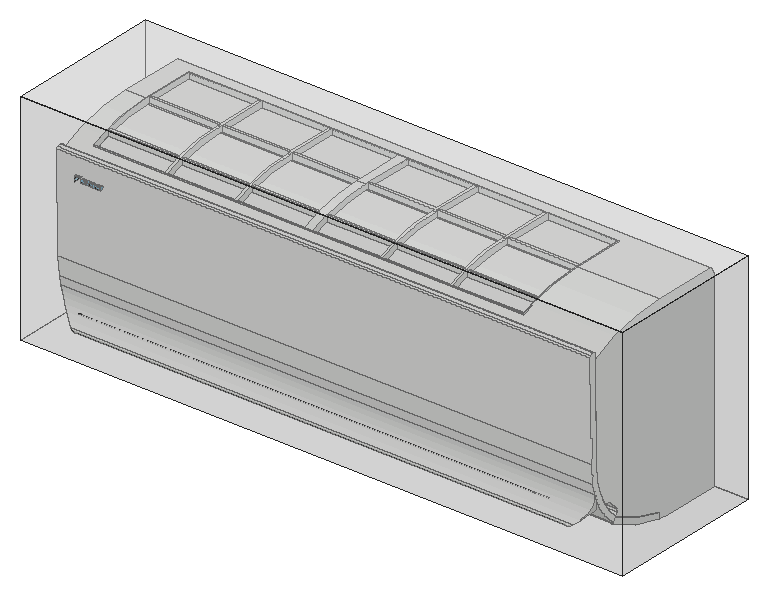
Revit family "outputfile", category 機械設備, Revit 2024
Family settings
  丸型コネクタ寸法 = 半径を使用
  パーツ タイプ = 標準
  OmniClass 番号 = 23.75.10.24.21.27.27
  OmniClass タイトル = Split System Air Conditioning Units
  作業面ベース = いいえ
  常に垂直 = はい
  ロード時にボイドで切り取り = いいえ
  注釈の向きを維持 = いいえ
  共有 = いいえ
  部屋計算ポイント = いいえ
Parameters (values of type "FTKQ15XV2S")
  Description = ""
  製造元 = "Daikin"
  書き出し IFC クラス(タイプ) = "IfcUnitaryEquipmentType"
  定義済み IFC タイプ(タイプ) = "AIRCONDITIONINGUNIT"
  Cost = 0
  モデル = "FTKQ15XV2S"
  Type Comments = ""
  Keynote = ""
  Type Image = (empty or 0)
  Assembly Code = ""
  switch_frequency = yes
  r_Liquid Pipe Size = Liquid Pipe Size / 2  # 3.2 mm
  r_Gas Pipe Size = Gas Pipe Size / 2  # 6.35 mm
  r_Drain Pipe Size = Drain Pipe Size / 2  # 8.0 mm
  lw_powersupply [instance] = if(or(Right Connection_refrigerant, Left Connection_refrigerant), 348.0 mm, if(or(Rear Right Connection_refrigerant, Bottom Right Connection_refrigerant), 30.0 mm, 740.0 mm))  # 348.0 mm
  lw_liquidpipe [instance] = if(or(Right Connection_refrigerant, Left Connection_refrigerant), 433.0 mm, if(or(Rear Right Connection_refrigerant, Bottom Right Connection_refrigerant), 40.0 mm, 730.0 mm))  # 433.0 mm
  lw_gaspipe [instance] = if(or(Right Connection_refrigerant, Left Connection_refrigerant), 393.0 mm, if(or(Rear Right Connection_refrigerant, Bottom Right Connection_refrigerant), 55.0 mm, 715.0 mm))  # 393.0 mm
  lw_drainpipe [instance] = if(or(Right Connection_refrigerant, Left Connection_refrigerant), 488.0 mm, if(or(Rear Right Connection_refrigerant, Bottom Right Connection_refrigerant), 55.0 mm, 715.0 mm))  # 488.0 mm
  l_powersupply_length [instance] = if(Right Connection_refrigerant, 348.0 mm, if(Left Connection_refrigerant, 422.0 mm, if(or(Rear Left Connection_refrigerant, Rear Right Connection_refrigerant), 20.0 mm, 50.0 mm)))  # 348.0 mm
  l_liquidpipe_length [instance] = if(Right Connection_refrigerant, 433.0 mm, if(Left Connection_refrigerant, 337.0 mm, if(or(Rear Left Connection_refrigerant, Rear Right Connection_refrigerant), 40.0 mm, 35.0 mm)))  # 433.0 mm
  l_gaspipe_length [instance] = if(Right Connection_refrigerant, 393.0 mm, if(Left Connection_refrigerant, 377.0 mm, if(or(Rear Left Connection_refrigerant, Rear Right Connection_refrigerant), 40.0 mm, 50.0 mm)))  # 393.0 mm
  l_drainpipe_length [instance] = if(Right Connection_refrigerant, 488.0 mm, if(Left Connection_refrigerant, 282.0 mm, if(or(Rear Left Connection_refrigerant, Rear Right Connection_refrigerant), 20.0 mm, 25.0 mm)))  # 488.0 mm
  h*** = 0.0 mm  # constant formula
  connector_voltage = Voltage_50Hz  # 220 V
  connector_powerinput = [Power Input (Cooling)]  # 0.000 kW
  connector_phase = Phase_50Hz  # 1
  angle_vertical [instance] = if(or(Bottom Left Connection_refrigerant, Bottom Right Connection_refrigerant), 0.00°, 90.00°)  # 90.00°
  angle_horizontal [instance] = if(Right Connection_refrigerant, 90.00°, if(Left Connection_refrigerant, -90.00°, if(or(Rear Left Connection_refrigerant, Rear Right Connection_refrigerant), 180.00°, 0.00°)))  # 90.00°
  Width = 770.0 mm
  Voltage_comment_50Hz = "220 - 240"
  Voltage_50Hz = 220 V
  Version = "ver.1.0"
  Unit Type = "Wall Mounted"
  Unit Mass Weight = 9.00 kg
  Unit Designation [instance] = ""
  Uniclass2015Version = "Products v1.30"
  Uniclass2015Title = "Split coil room air conditioning units"
  Uniclass2015Code = "Pr_70_65_03_86"
  URL = ""
  Total Cooling Capacity [instance] = 0.000 kW
  Sound Pressure Level_M speed (dBA) = 35
  Sound Pressure Level_L speed (dBA) = 30
  Sound Pressure Level_H speed (dBA) = 42
  Sound Power Level_H speed (dB) = 0
  Series = "Single Split_Fan Coil Unit"
  Sensible Cooling Capacity [instance] = 0.000 kW
  Refrigerant Type = "R32"
  Power Input (Cooling) = 0.000 kW
  Phase_50Hz = 1
  Option Accessory 3 [instance] = ""
  Option Accessory 2 [instance] = ""
  Option Accessory 1 [instance] = ""
  Nominal Cooling Capacity = 4.400 kW
  Minimum Circuit Amps_50Hz = 0.0 A
  Minimum Airflow = 420.00 m³/h
  Median Airflow = 510.00 m³/h
  Maximum Fuse Amps_50Hz = 0.0 A
  Maximum Airflow = 660.00 m³/h
  Material_Casing = DAIKIN_PureWhite_Casing_indoorunit
  Load Classification = HVAC
  Liquid Pipe Size = 6.4 mm
  Link_Nested Family [instance] = ""
  IfcVersion = ""
  IfcExportType = "AIRCONDITIONINGUNIT"
  IfcExportAs = "IfcUnitaryEquipmentType"
  Height = 285.0 mm
  Heat Exchanger Type = "Cross Fin Coil"
  Gas Pipe Size = 12.7 mm
  Frequency_50Hz = 50 Hz
  Fan Type = "Cross Flow Fan"
  Fan Drive = "Direct Drive"
  FCU Tag No. [instance] = ""
  Drain Pipe Size = 16.0 mm
  Design Supply Airflow [instance] = 0.00 m³/h
  Depth = 226.0 mm
  既定の高さ = 0.0 mm
  Cooling Entering Wet Bulb Temperature [instance] = 0.00 °C
  Cooling Entering Dry Bulb Temperature [instance] = 0.00 °C
  Cooling Ambient Wet Bulb Temperature [instance] = 0.00 °C
  Cooling Ambient Dry Bulb Temperature [instance] = 0.00 °C
  Clearance visibility [instance] = yes
  Clearance Top = 30.0 mm
  Clearance Right = 50.0 mm
  Clearance Rear = 0.0 mm
  Clearance Left = 50.0 mm
  Clearance Front = 0.0 mm
  Clearance Bottom = 0.0 mm
  Bottom Right Connection_refrigerant [instance] = no
  Bottom Left Connection_refrigerant [instance] = no
  Rear Right Connection_refrigerant [instance] = no
  Rear Left Connection_refrigerant [instance] = no
  Right Connection_refrigerant [instance] = yes
  Left Connection_refrigerant [instance] = no
Reference planes
  plane 1 "Back": y = 0
  plane 2: z = 0
  plane 3 "Center (Left/Right)": x = 0
  plane 4: y = -133
  plane 5: y = -266
  plane 6 "Left": x = -385
  plane 7 "Right": x = 385
  plane 8 "Top": z = 0
  plane 9: y = 0
  plane 10: z = -285
  plane 11 "Clearance Front": y = -226
  plane 12 "Bottom": z = -285
  plane 13: z = -285
  plane 14: z = 30
  plane 15 "Front": y = -226
  plane 16 "Clearance Rear": y = 0
  plane 17: x = -8
  plane 18: x = -48
  plane 19: x = -103
  plane 20: y = -40
  plane 21: y = -20
  plane 22: x = 37
  plane 23: x = -435
  plane 24: x = 435
  plane 25: x = 337
Forms (mm)
  Extrusion 1, solid, material "DAIKIN_PureWhite_Casing_indoorunit" <- "Material_Casing", not visible
    sketch origin (-379, 1296.25, 1210) x (0, 1, 0) y (0, 0, 1)
      loop
        line (-1296.25, -1427) -> (-1326.25, -1427)
        arc (-1326.25, -1427) -> (-1340.393, -1432.858) -> (-1346.25, -1447) r 20
        line (-1346.25, -1447) -> (-1346.25, -1467)
        arc (-1346.25, -1467) -> (-1340.393, -1481.142) -> (-1326.25, -1487) r 20
        line (-1326.25, -1487) -> (-1296.25, -1487) -> (-1296.25, -1427)
    from 759 to 764
  Extrusion 2, solid, material "DAIKIN_PureWhite_Casing_indoorunit" <- "Material_Casing"
    sketch origin (-495, 1156.25, 1200) x (0, 1, 0) y (0, 0, 1)
      loop
        line (-1156.25, -1485) -> (-1156.25, -1208.5) -> (-1161.25, -1200) -> (-1254.25, -1200)
        arc (-1254.25, -1200) -> (-1314.413, -1207.347) -> (-1371.039, -1228.956) r 250
        arc (-1371.039, -1228.956) -> (-1370.963, -1294.87) -> (-1368.901, -1360.751) r 2186.827
        arc (-1368.901, -1360.751) -> (-1367.931, -1373.599) -> (-1366.216, -1386.369) r 221.844
        arc (-1366.216, -1386.369) -> (-1361.341, -1405) -> (-1353.083, -1422.397) r 103
        line (-1353.083, -1422.397) -> (-1345.22, -1422.397)
        arc (-1345.22, -1422.397) -> (-1343.826, -1422.741) -> (-1342.751, -1423.693) r 3
        arc (-1342.751, -1423.693) -> (-1337.001, -1431.196) -> (-1330.533, -1438.09) r 95
        arc (-1330.533, -1438.09) -> (-1329.645, -1439.831) -> (-1330.018, -1441.749) r 3
        line (-1330.018, -1441.749) -> (-1332.498, -1446.044)
        arc (-1332.498, -1446.044) -> (-1295.066, -1463.723) -> (-1255.079, -1474.437) r 231
        arc (-1255.079, -1474.437) -> (-1254.485, -1474.778) -> (-1254.25, -1475.422) r 1
        line (-1254.25, -1475.422) -> (-1254.25, -1483.703)
        arc (-1254.25, -1483.703) -> (-1250.776, -1484.245) -> (-1247.294, -1484.736) r 240
        arc (-1247.294, -1484.736) -> (-1245.313, -1484.934) -> (-1243.323, -1485) r 30
        line (-1243.323, -1485) -> (-1156.25, -1485)
    from 110 to 880
  Extrusion 3, solid, material "DAIKIN_PureWhite_Casing_indoorunit" <- "Material_Casing"
    sketch origin (-622.601, -1524, -230) x (-1, 0, 0) y (0, -1, 0)
      loop
        line (-996.615, -1494) -> (-996.615, -1524) -> (-936.615, -1524) -> (-936.615, -1494)
        arc (-936.615, -1494) -> (-942.473, -1479.858) -> (-956.615, -1474) r 20
        line (-956.615, -1474) -> (-976.615, -1474)
        arc (-976.615, -1474) -> (-990.757, -1479.858) -> (-996.615, -1494) r 20
      loop
        arc (-248.601, -1494) -> (-254.459, -1479.858) -> (-268.601, -1474) r 20
        line (-268.601, -1474) -> (-288.601, -1474)
        arc (-288.601, -1474) -> (-302.743, -1479.858) -> (-308.601, -1494) r 20
        line (-308.601, -1494) -> (-308.601, -1524) -> (-248.601, -1524) -> (-248.601, -1494)
    from -55 to -50
  Extrusion 4, solid, material "DAIKIN_PureWhite_Casing_indoorunit" <- "Material_Casing"
    sketch origin (0, 0, 10) x (1, 0, 0) y (0, 0, 1)
      loop
        circle (337, -250.5) r 32.5
      loop
        circle (-337, -250.5) r 32.5
    from 0 to 5
  Extrusion 5, solid, material "DAIKIN_PureWhite_Casing_indoorunit" <- "Material_Casing"
    sketch origin (489, 1296.25, 1210) x (0, 1, 0) y (0, 0, -1)
      loop
        line (-1296.25, 1427) -> (-1296.25, 1487) -> (-1326.25, 1487)
        arc (-1326.25, 1487) -> (-1340.393, 1481.142) -> (-1346.25, 1467) r 20
        line (-1346.25, 1467) -> (-1346.25, 1447)
        arc (-1346.25, 1447) -> (-1340.393, 1432.858) -> (-1326.25, 1427) r 20
        line (-1326.25, 1427) -> (-1296.25, 1427)
    from 869 to 874
  Extrusion 6, solid, material "DAIKIN_PureWhite_Casing_indoorunit" <- "Material_Casing"
    sketch origin (-385, 1156.25, 1200) x (0, 1, 0) y (0, 0, 1)
      loop
        arc (-1374.103, -1387.706) -> (-1361.832, -1423.213) -> (-1338.419, -1452.594) r 111
        arc (-1338.419, -1452.594) -> (-1337.834, -1452.764) -> (-1337.333, -1452.419) r 0.709
        line (-1337.333, -1452.419) -> (-1334.084, -1446.792)
        arc (-1334.084, -1446.792) -> (-1333.962, -1446.14) -> (-1334.274, -1445.556) r 1
        arc (-1334.274, -1445.556) -> (-1355.212, -1418.643) -> (-1366.216, -1386.369) r 103
        arc (-1366.216, -1386.369) -> (-1367.931, -1373.599) -> (-1368.901, -1360.751) r 221.844
        arc (-1368.901, -1360.751) -> (-1370.989, -1293.222) -> (-1370.99, -1225.661) r 2186.827
        arc (-1370.99, -1225.661) -> (-1370.93, -1221.937) -> (-1370.863, -1218.213) r 2192
        arc (-1370.863, -1218.213) -> (-1371.146, -1217.637) -> (-1371.78, -1217.535) r 0.7
        line (-1371.78, -1217.535) -> (-1377.538, -1219.406)
        arc (-1377.538, -1219.406) -> (-1378.425, -1219.99) -> (-1378.887, -1220.946) r 2
        arc (-1378.887, -1220.946) -> (-1379.035, -1290.894) -> (-1376.907, -1360.81) r 2149.92
        arc (-1376.907, -1360.81) -> (-1375.901, -1374.299) -> (-1374.103, -1387.706) r 229.911
    from 0 to 770
  Extrusion 7, solid, material "DAIKIN_PureWhite_Casing_indoorunit" <- "Material_Casing"
    sketch origin (-385, 1156.25, 1200) x (0, 1, 0) y (0, 0, 1)
      loop
        arc (-1336.569, -1454.09) -> (-1297.525, -1472.406) -> (-1255.834, -1483.439) r 240
        arc (-1255.834, -1483.439) -> (-1255.428, -1483.328) -> (-1255.25, -1482.946) r 0.5
        line (-1255.25, -1482.946) -> (-1255.25, -1475.422)
        arc (-1255.25, -1475.422) -> (-1295.171, -1464.749) -> (-1332.564, -1447.164) r 232
        arc (-1332.564, -1447.164) -> (-1332.945, -1447.112) -> (-1333.249, -1447.346) r 0.5
        line (-1333.249, -1447.346) -> (-1336.741, -1453.393)
        arc (-1336.741, -1453.393) -> (-1336.802, -1453.778) -> (-1336.569, -1454.09) r 0.5
    from 0 to 770
  Extrusion 8, solid, material "DAIKIN_PureWhite_Casing_indoorunit" <- "Material_Casing"
    sketch origin (-385, 1156.25, 1200) x (0, 1, 0) y (0, 0, 1)
      loop
        arc (-1371.046, -1401.088) -> (-1370.514, -1423.975) -> (-1381.552, -1444.032) r 44
        arc (-1381.552, -1444.032) -> (-1382.188, -1446.32) -> (-1380.625, -1448.108) r 2.5
        arc (-1380.625, -1448.108) -> (-1367.897, -1451.601) -> (-1354.751, -1452.778) r 74
        line (-1354.751, -1452.778) -> (-1338.211, -1452.778)
        arc (-1338.211, -1452.778) -> (-1358.264, -1429.242) -> (-1371.046, -1401.088) r 111
    from 0 to 770
  Extrusion 9, solid, material "DAIKIN_PureWhite_Casing_indoorunit" <- "Material_Casing"
    sketch origin (-385, 1156.25, 1200) x (0, 1, 0) y (0, 0, 1)
      loop
        line (-1254.32, -1208) -> (-1177.85, -1208) -> (-1177.85, -1200) -> (-1254.25, -1200)
        arc (-1254.25, -1200) -> (-1302.879, -1204.775) -> (-1349.65, -1218.918) r 250
        line (-1349.65, -1218.918) -> (-1349.65, -1227.568)
        arc (-1349.65, -1227.568) -> (-1302.979, -1212.942) -> (-1254.32, -1208) r 242
    from 29.359 to 650.764
  Extrusion 10, void
    sketch origin (-385, 1156.25, 1200) x (0, 1, 0) y (0, 0, 1)
      loop
        line (-1349.65, -1215.676) -> (-1349.65, -1227.568)
        arc (-1349.65, -1227.568) -> (-1302.979, -1212.942) -> (-1254.32, -1208) r 242
        line (-1254.32, -1208) -> (-1177.85, -1208) -> (-1177.85, -1197) -> (-1254.25, -1197)
        arc (-1254.25, -1197) -> (-1302.856, -1201.713) -> (-1349.65, -1215.676) r 253
    from 29.359 to 650.764
  Extrusion 11, void
    sketch origin (-610.615, -1524, -240) x (-1, 0, 0) y (0, -1, 0)
      loop
        line (-255.68, -1501.684) -> (-255.68, -1432.659) -> (-357.948, -1432.659) -> (-357.948, -1501.684) -> (-255.68, -1501.684)
      loop
        line (-361.28, -1501.684) -> (-361.28, -1432.659) -> (-459.048, -1432.659) -> (-459.048, -1501.684) -> (-361.28, -1501.684)
      loop
        line (-255.68, -1429.341) -> (-255.68, -1358.741) -> (-357.948, -1358.741) -> (-357.948, -1429.341) -> (-255.68, -1429.341)
      loop
        line (-255.68, -1356.618) -> (-255.68, -1331.319) -> (-357.948, -1331.319) -> (-357.948, -1356.618) -> (-255.68, -1356.618)
      loop
        line (-361.274, -1429.341) -> (-361.274, -1358.741) -> (-459.048, -1358.741) -> (-459.048, -1429.341) -> (-361.274, -1429.341)
      loop
        line (-361.274, -1356.618) -> (-361.274, -1331.319) -> (-459.048, -1331.319) -> (-459.048, -1356.618) -> (-361.274, -1356.618)
      loop
        line (-462.312, -1501.684) -> (-462.312, -1432.659) -> (-559.622, -1432.659) -> (-559.622, -1501.684) -> (-462.312, -1501.684)
      loop
        line (-462.306, -1429.341) -> (-462.306, -1358.741) -> (-559.622, -1358.741) -> (-559.622, -1429.341) -> (-462.306, -1429.341)
      loop
        line (-462.306, -1356.618) -> (-462.306, -1331.319) -> (-559.622, -1331.319) -> (-559.622, -1356.618) -> (-462.306, -1356.618)
      loop
        line (-571.622, -1501.684) -> (-571.622, -1432.659) -> (-668.931, -1432.659) -> (-668.931, -1501.684) -> (-571.622, -1501.684)
      loop
        line (-672.311, -1501.684) -> (-672.311, -1432.659) -> (-770.079, -1432.659) -> (-770.079, -1501.684) -> (-672.311, -1501.684)
      loop
        line (-571.622, -1429.341) -> (-571.622, -1358.741) -> (-668.925, -1358.741) -> (-668.925, -1429.341) -> (-571.622, -1429.341)
      loop
        line (-571.622, -1356.618) -> (-571.622, -1331.319) -> (-668.925, -1331.319) -> (-668.925, -1356.618) -> (-571.622, -1356.618)
      loop
        line (-672.311, -1429.341) -> (-672.311, -1358.741) -> (-770.079, -1358.741) -> (-770.079, -1429.341) -> (-672.311, -1429.341)
      loop
        line (-672.311, -1356.618) -> (-672.311, -1331.319) -> (-770.079, -1331.319) -> (-770.079, -1356.618) -> (-672.311, -1356.618)
      loop
        line (-773.411, -1501.684) -> (-773.411, -1432.659) -> (-875.679, -1432.659) -> (-875.679, -1501.684) -> (-773.411, -1501.684)
      loop
        line (-773.411, -1429.341) -> (-773.411, -1358.741) -> (-875.679, -1358.741) -> (-875.679, -1429.341) -> (-773.411, -1429.341)
      loop
        line (-773.411, -1356.618) -> (-773.411, -1331.319) -> (-875.679, -1331.319) -> (-875.679, -1356.618) -> (-773.411, -1356.618)
    from 208.902 to 245
  Extrusion 12, void
    sketch origin (-385, 1156.25, 1200) x (0, 1, 0) y (0, 0, 1)
      loop
        arc (-1339.36, -1455.929) -> (-1309.531, -1470.929) -> (-1277.928, -1481.699) r 243
        line (-1277.928, -1481.699) -> (-1275.103, -1471.068)
        arc (-1275.103, -1471.068) -> (-1305.332, -1460.762) -> (-1333.859, -1446.402) r 232
        line (-1333.859, -1446.402) -> (-1339.36, -1455.929)
    from 47 to 652
  Extrusion 13, solid, material "DAIKIN_PureWhite_Casing_indoorunit" <- "Material_Casing"
    sketch origin (-385, 1156.25, 1200) x (0, 1, 0) y (0, 0, 1)
      loop
        arc (-1336.998, -1453.838) -> (-1307.924, -1468.349) -> (-1277.157, -1478.8) r 240
        line (-1277.157, -1478.8) -> (-1275.103, -1471.068)
        arc (-1275.103, -1471.068) -> (-1304.871, -1460.955) -> (-1332.998, -1446.91) r 232
        line (-1332.998, -1446.91) -> (-1336.998, -1453.838)
    from 52.507 to 648.507
  Extrusion 14, void
    sketch origin (0, 0, 0) x (1, 0, 0) y (0, 0, 1)
      loop
        line (-395, -201.088) -> (-395, -259.424) -> (-333.271, -259.424) -> (-333.271, -252.778)
        arc (-333.271, -252.778) -> (-369.835, -237.641) -> (-385, -201.088) r 51.729
        line (-385, -201.088) -> (-395, -201.088)
    from 118.853 to 250
  Extrusion 15, void
    sketch origin (0, 0, 0) x (1, 0, 0) y (0, 0, 1)
      loop
        arc (385, -200.608) -> (369.72, -237.498) -> (332.829, -252.778) r 52.171
        line (332.829, -252.778) -> (332.829, -262.778) -> (392.829, -262.778) -> (392.829, -192.778) -> (385, -192.778) -> (385, -200.608)
    from 140.894 to 250
Cuts and joins
  Extrusion 10 cuts Extrusion 2
  Extrusion 11 cuts Extrusion 9
  Extrusion 12 cuts Extrusion 7
  Extrusion 14, Extrusion 15 cuts Extrusion 8
Lines and regions (mm)
  reference lines
    curve 1: line (-395.5, -222.696, -45.45) -> (-395.5, -222.696, -55.45)
Dimensions and locks
  equal spacing: plane 6 "Left", plane 3 "Center (Left/Right)", plane 7 "Right"
  "Width": plane 6 "Left" to plane 7 "Right"
  level to plane 10 = 285.0 mm
  locked: Extrusion 4 sketch curve to plane 6 "Left" at 48
  locked: plane 7 "Right" to Extrusion 4 sketch curve at 48
  locked: plane 8 "Top" to Extrusion 4 sketch curve at 240.5  (x2)
  locked: plane 6 "Left" to Extrusion 3 sketch curve at 11
  locked: Extrusion 3 sketch curve to Extrusion 3 sketch curve at 60  (x2)
  locked: Extrusion 3 sketch curve to plane 7 "Right" at 10.986
  "Height": plane 8 "Top" to plane 12 "Bottom"
  "Clearance Top": plane 14 to plane 8 "Top"
  "Clearance Bottom": plane 12 "Bottom" to plane 13
  "Depth": plane 15 "Front" to plane 1 "Back"
  "Clearance Front": plane 15 "Front" to plane 11 "Clearance Front"
  "Clearance Rear": plane 16 "Clearance Rear" to plane 1 "Back"
  locked: plane 1 "Back" to plane 20 at 40
  locked: plane 1 "Back" to plane 21 at 20
  "Clearance Left": plane 23 to plane 6 "Left"
  "Clearance Right": plane 7 "Right" to plane 24
  "lw_powersupply": plane 22 to plane 7 "Right"
  locked: plane 25 to plane 7 "Right" at 48
  "lw_gaspipe": plane 17 to plane 7 "Right"
  "lw_liquidpipe": plane 18 to plane 7 "Right"
  "lw_drainpipe": plane 19 to plane 7 "Right"
  aligned and locked: level to plane 2
  aligned and locked: nested 2 to curve 1
  aligned and locked: plane 7 "Right" to Extrusion 1
  aligned and locked: plane 19 to nested 3
  aligned and locked: plane 18 to nested 4
  aligned and locked: plane 22 to nested 5
  aligned and locked: plane 17 to nested 6
  aligned and locked: nested 6 to plane 20
  aligned and locked: nested 4 to plane 20
  aligned and locked: nested 3 to plane 21
  aligned and locked: nested 5 to plane 21
  aligned and locked: nested 1 to plane 16 "Clearance Rear"
  aligned and locked: plane 11 "Clearance Front" to nested 1
  aligned and locked: nested 1 to plane 13
  aligned and locked: nested 1 to plane 14
  aligned and locked: nested 1 to plane 23
  aligned and locked: plane 24 to nested 1
Automatic sketch dimensions
  Extrusion 1 sketch curve to plane 1 "Back" = 0.0 mm
  plane 1 "Back" to Extrusion 1 sketch curve = 30.0 mm  (x2)
  Extrusion 1 sketch curve to Extrusion 1 sketch curve = 20.0 mm  (x2)
  Extrusion 1 sketch curve to level = 277.0 mm
  Extrusion 2 sketch curve to Extrusion 2 sketch curve = 0.0 mm  (x8)
  Extrusion 2 sketch curve to level = 0.0 mm
  Extrusion 2 sketch curve to plane 10 = 0.0 mm
  Extrusion 2 sketch curve to plane 1 "Back" = 0.0 mm
  plane 1 "Back" to Extrusion 2 sketch curve = 5.0 mm
  plane 1 "Back" to Extrusion 2 sketch curve = 59.278 mm
  plane 4 to Extrusion 2 sketch curve = 45.927 mm
  plane 10 to Extrusion 2 sketch curve = 1.297 mm
  Extrusion 2 sketch curve to Extrusion 2 sketch curve = 10.927 mm
  plane 4 to Extrusion 2 sketch curve = 35.0 mm
  Extrusion 2 sketch curve to Extrusion 2 sketch curve = 1.0 mm
  plane 4 to Extrusion 2 sketch curve = 24.681 mm
  Extrusion 2 sketch curve to plane 4 = 40.768 mm
  Extrusion 2 sketch curve to Extrusion 2 sketch curve = 2.48 mm
  Extrusion 2 sketch curve to Extrusion 2 sketch curve = 2.598 mm
  Extrusion 2 sketch curve to Extrusion 2 sketch curve = 12.604 mm
  Extrusion 2 sketch curve to Extrusion 2 sketch curve = 7.862 mm
  Extrusion 2 sketch curve to plane 1 "Back" = 8.955 mm
  Extrusion 2 sketch curve to level = 59.408 mm
  Extrusion 2 sketch curve to Extrusion 2 sketch curve = 1962.872 mm
  Extrusion 2 sketch curve to Extrusion 2 sketch curve = 8.281 mm
  Extrusion 2 sketch curve to Extrusion 2 sketch curve = 20.422 mm
  Extrusion 2 sketch curve to Extrusion 2 sketch curve = 5.0 mm
  plane 10 to Extrusion 2 sketch curve = 38.956 mm
  Extrusion 2 sketch curve to Extrusion 2 sketch curve = 4.295 mm
  Extrusion 2 sketch curve to Extrusion 2 sketch curve = 1.5 mm
  Extrusion 2 sketch curve to Extrusion 2 sketch curve = 14.851 mm
  Extrusion 2 sketch curve to Extrusion 2 sketch curve = 3.0 mm
  Extrusion 2 sketch curve to Extrusion 2 sketch curve = 80.275 mm
  Extrusion 2 sketch curve to Extrusion 2 sketch curve = 19.254 mm
  Extrusion 2 sketch curve to level = 46.847 mm
  Extrusion 2 sketch curve to level = 8.5 mm
  Extrusion 2 sketch curve to Extrusion 2 sketch curve = 13.133 mm
  plane 1 "Back" to Extrusion 3 sketch curve = 0.0 mm  (x2)
  Extrusion 3 sketch curve to Extrusion 3 sketch curve = 20.0 mm  (x4)
  plane 1 "Back" to Extrusion 3 sketch curve = 30.0 mm  (x2)
  Extrusion 5 sketch curve to plane 1 "Back" = 0.0 mm
  plane 1 "Back" to Extrusion 5 sketch curve = 30.0 mm  (x2)
  Extrusion 5 sketch curve to Extrusion 5 sketch curve = 20.0 mm  (x2)
  Extrusion 5 sketch curve to level = 217.0 mm
  Extrusion 6 sketch curve to Extrusion 6 sketch curve = 0.0 mm  (x5)
  Extrusion 6 sketch curve to level = 19.406 mm
  Extrusion 6 sketch curve to Extrusion 6 sketch curve = 1.349 mm
  Extrusion 6 sketch curve to Extrusion 6 sketch curve = 0.618 mm
  Extrusion 6 sketch curve to level = 17.535 mm
  Extrusion 6 sketch curve to Extrusion 6 sketch curve = 5.759 mm
  Extrusion 6 sketch curve to Extrusion 6 sketch curve = 0.217 mm
  Extrusion 6 sketch curve to plane 4 = 48.697 mm
  Extrusion 6 sketch curve to Extrusion 6 sketch curve = 0.614 mm
  Extrusion 6 sketch curve to Extrusion 6 sketch curve = 2.997 mm
  Extrusion 6 sketch curve to Extrusion 6 sketch curve = 0.866 mm
  plane 4 to Extrusion 6 sketch curve = 24.681 mm
  Extrusion 6 sketch curve to plane 1 "Back" = 8.955 mm
  Extrusion 6 sketch curve to Extrusion 6 sketch curve = 0.067 mm
  Extrusion 6 sketch curve to level = 60.455 mm
  Extrusion 6 sketch curve to Extrusion 6 sketch curve = 44.907 mm
  Extrusion 6 sketch curve to Extrusion 6 sketch curve = 5.173 mm
  Extrusion 6 sketch curve to level = 150.462 mm
  Extrusion 6 sketch curve to Extrusion 6 sketch curve = 0.008 mm
  Extrusion 6 sketch curve to Extrusion 6 sketch curve = 19.254 mm
  Extrusion 6 sketch curve to Extrusion 6 sketch curve = 76.567 mm
  Extrusion 6 sketch curve to Extrusion 6 sketch curve = 0.5 mm
  Extrusion 6 sketch curve to Extrusion 6 sketch curve = 5.772 mm
  Extrusion 6 sketch curve to Extrusion 6 sketch curve = 1.017 mm
  Extrusion 6 sketch curve to Extrusion 6 sketch curve = 0.03 mm
  Extrusion 6 sketch curve to Extrusion 6 sketch curve = 0.665 mm
  plane 5 to Extrusion 6 sketch curve = 45.344 mm
  Extrusion 6 sketch curve to Extrusion 6 sketch curve = 5.93 mm
  Extrusion 6 sketch curve to Extrusion 6 sketch curve = 7.888 mm
  Extrusion 7 sketch curve to plane 4 = 47.49 mm
  Extrusion 7 sketch curve to Extrusion 7 sketch curve = 0.424 mm
  Extrusion 7 sketch curve to Extrusion 7 sketch curve = 3.491 mm
  Extrusion 7 sketch curve to Extrusion 7 sketch curve = 0.433 mm
  plane 4 to Extrusion 7 sketch curve = 33.5 mm
  Extrusion 7 sketch curve to Extrusion 7 sketch curve = 0.5 mm
  plane 1 "Back" to Extrusion 7 sketch curve = 59.278 mm
  Extrusion 7 sketch curve to Extrusion 7 sketch curve = 0.0 mm  (x4)
  Extrusion 7 sketch curve to level = 282.946 mm
  Extrusion 7 sketch curve to Extrusion 7 sketch curve = 7.524 mm
  Extrusion 7 sketch curve to Extrusion 7 sketch curve = 21.764 mm
  Extrusion 7 sketch curve to Extrusion 7 sketch curve = 0.265 mm
  Extrusion 7 sketch curve to Extrusion 7 sketch curve = 6.062 mm
  Extrusion 7 sketch curve to Extrusion 7 sketch curve = 0.25 mm
  Extrusion 7 sketch curve to level = 46.848 mm
  Extrusion 7 sketch curve to Extrusion 7 sketch curve = 0.084 mm
  plane 5 to Extrusion 8 sketch curve = 8.997 mm
  plane 5 to Extrusion 8 sketch curve = 42.5 mm
  Extrusion 8 sketch curve to Extrusion 8 sketch curve = 25.0 mm
  Extrusion 8 sketch curve to Extrusion 8 sketch curve = 16.54 mm
  plane 4 to Extrusion 8 sketch curve = 24.681 mm
  Extrusion 8 sketch curve to level = 252.778 mm
  Extrusion 8 sketch curve to Extrusion 8 sketch curve = 7.013 mm
  Extrusion 8 sketch curve to Extrusion 8 sketch curve = 32.246 mm
  Extrusion 8 sketch curve to Extrusion 8 sketch curve = 34.741 mm
  Extrusion 8 sketch curve to Extrusion 8 sketch curve = 9.054 mm
  Extrusion 8 sketch curve to Extrusion 8 sketch curve = 1.801 mm
  Extrusion 8 sketch curve to Extrusion 8 sketch curve = 0.0 mm  (x2)
  Extrusion 8 sketch curve to Extrusion 8 sketch curve = 16.296 mm
  Extrusion 9 sketch curve to level = 0.0 mm
  Extrusion 9 sketch curve to level = 18.918 mm
  Extrusion 9 sketch curve to plane 4 = 60.4 mm
  Extrusion 9 sketch curve to level = 8.0 mm
  plane 4 to Extrusion 9 sketch curve = 34.93 mm
  Extrusion 9 sketch curve to Extrusion 9 sketch curve = 0.07 mm
  plane 1 "Back" to Extrusion 9 sketch curve = 21.6 mm
  Extrusion 9 sketch curve to Extrusion 9 sketch curve = 0.0 mm
  Extrusion 10 sketch curve to level = 27.568 mm
  Extrusion 10 sketch curve to plane 4 = 60.4 mm
  plane 4 to Extrusion 10 sketch curve = 34.93 mm
  level to Extrusion 10 sketch curve = 3.0 mm
  Extrusion 10 sketch curve to Extrusion 10 sketch curve = 0.07 mm
  plane 1 "Back" to Extrusion 10 sketch curve = 21.6 mm
  Extrusion 10 sketch curve to Extrusion 10 sketch curve = 222.432 mm
  Extrusion 10 sketch curve to Extrusion 10 sketch curve = 0.0 mm
  plane 4 to Extrusion 11 sketch curve = 38.341 mm
  Extrusion 11 sketch curve to plane 7 "Right" = 119.936 mm
  Extrusion 11 sketch curve to Extrusion 11 sketch curve = 0.0 mm  (x22)
  plane 1 "Back" to Extrusion 11 sketch curve = 22.316 mm  (x3)
  Extrusion 11 sketch curve to Extrusion 11 sketch curve = 102.268 mm
  Extrusion 11 sketch curve to Extrusion 11 sketch curve = 3.332 mm  (x3)
  plane 3 "Center (Left/Right)" to Extrusion 11 sketch curve = 61.696 mm  (x2)
  Extrusion 11 sketch curve to Extrusion 11 sketch curve = 3.38 mm
  Extrusion 11 sketch curve to Extrusion 11 sketch curve = 3.386 mm
  Extrusion 11 sketch curve to Extrusion 11 sketch curve = 0.006 mm  (x3)
  Extrusion 11 sketch curve to plane 3 "Center (Left/Right)" = 38.993 mm  (x2)
  Extrusion 11 sketch curve to Extrusion 11 sketch curve = 12.0 mm  (x2)
  plane 4 to Extrusion 11 sketch curve = 41.659 mm  (x3)
  Extrusion 11 sketch curve to Extrusion 11 sketch curve = 97.309 mm
  Extrusion 11 sketch curve to plane 4 = 32.259 mm  (x4)
  Extrusion 11 sketch curve to Extrusion 11 sketch curve = 3.264 mm
  Extrusion 11 sketch curve to Extrusion 11 sketch curve = 3.258 mm  (x2)
  Extrusion 11 sketch curve to Extrusion 11 sketch curve = 97.768 mm
  Extrusion 11 sketch curve to Extrusion 11 sketch curve = 3.326 mm
  plane 6 "Left" to Extrusion 11 sketch curve = 30.066 mm
  Extrusion 11 sketch curve to Extrusion 11 sketch curve = 3.317 mm  (x5)
  Extrusion 11 sketch curve to Extrusion 11 sketch curve = 2.124 mm  (x6)
  Extrusion 11 sketch curve to Extrusion 11 sketch curve = 25.299 mm  (x5)
  plane 4 to Extrusion 12 sketch curve = 11.323 mm
  Extrusion 12 sketch curve to Extrusion 12 sketch curve = 2.825 mm
  Extrusion 12 sketch curve to Extrusion 12 sketch curve = 0.0 mm  (x2)
  Extrusion 12 sketch curve to level = 281.699 mm
  Extrusion 12 sketch curve to Extrusion 12 sketch curve = 10.631 mm
  Extrusion 13 sketch curve to plane 4 = 47.748 mm
  Extrusion 13 sketch curve to Extrusion 13 sketch curve = 4.0 mm
  plane 4 to Extrusion 13 sketch curve = 12.093 mm
  Extrusion 13 sketch curve to Extrusion 13 sketch curve = 2.054 mm
  plane 1 "Back" to Extrusion 13 sketch curve = 59.278 mm
  Extrusion 13 sketch curve to Extrusion 13 sketch curve = 0.0 mm
  Extrusion 13 sketch curve to level = 278.8 mm
  Extrusion 13 sketch curve to Extrusion 13 sketch curve = 7.732 mm
  Extrusion 13 sketch curve to Extrusion 13 sketch curve = 17.23 mm
  Extrusion 13 sketch curve to Extrusion 13 sketch curve = 6.928 mm
  Extrusion 12 sketch curve to plane 4 = 50.109 mm
  plane 1 "Back" to Extrusion 12 sketch curve = 59.278 mm
  Extrusion 12 sketch curve to Extrusion 12 sketch curve = 15.14 mm
  Extrusion 12 sketch curve to Extrusion 12 sketch curve = 5.5 mm
  Extrusion 14 sketch curve to plane 6 "Left" = 10.0 mm
  plane 6 "Left" to Extrusion 14 sketch curve = 0.0 mm
  plane 7 "Right" to Extrusion 15 sketch curve = 7.829 mm
  Extrusion 15 sketch curve to plane 7 "Right" = 0.0 mm
  Extrusion 6 sketch curve to plane 4 = 87.67 mm
  Extrusion 6 sketch curve to Extrusion 6 sketch curve = 1.902 mm
  Extrusion 6 sketch curve to Extrusion 6 sketch curve = 2.804 mm
  plane 6 "Left" to Extrusion 14 sketch curve = 51.729 mm
  Extrusion 14 sketch curve to Extrusion 14 sketch curve = 6.646 mm
  Extrusion 15 sketch curve to Extrusion 15 sketch curve = 10.0 mm
  Extrusion 14 sketch curve to level = 259.424 mm
  Extrusion 14 sketch curve to Extrusion 14 sketch curve = 58.337 mm
  Extrusion 15 sketch curve to plane 7 "Right" = 52.171 mm
  Extrusion 15 sketch curve to level = 262.778 mm
  Extrusion 15 sketch curve to Extrusion 15 sketch curve = 7.829 mm
  plane 5 to curve 1 = 43.304 mm
  curve 1 to level = 55.45 mm
  curve 1 to curve 1 = 10.0 mm
  radius of Extrusion 4 sketch curve = 32.5 mm  (x2)
Nested families
  nested 1: "daikin_clearancespace" at (0, -113, -127.381), show <- "Clearance visibility", visible <- "Clearance visibility", Link_Nested Family <- "Link_Nested Family", type "daikin_clearancespace"
    with width 870.0 mm, show yes, height 315.0 mm, depth 226.0 mm, Link_Nested Family ""
  nested 2: "daikin_logo_plane_w40" at (-338, -222.696, -45) x (1, 0, 0) z (0, -1, 0), type "daikin_logo_plane_w40"
    with show_logo yes
  nested 3: "daikin_connector_rotate3" at (-103, -20, -260), angle_vertical <- "angle_vertical", angle_horizontal <- "angle_horizontal", length <- "l_drainpipe_length", radius <- "r_Drain Pipe Size", type "daikin_connector_rotate3"
    with show no, radius 8.0 mm, length 488.0 mm, angle_vertical 90.00°, angle_horizontal 90.00°
  nested 4: "daikin_connector_rotate3" at (-48, -40, -250), angle_vertical <- "angle_vertical", angle_horizontal <- "angle_horizontal", length <- "l_liquidpipe_length", radius <- "r_Liquid Pipe Size", type "daikin_connector_rotate3"
    with show no, radius 3.2 mm, length 433.0 mm, angle_vertical 90.00°, angle_horizontal 90.00°
  nested 5: "daikin_connector_rotate3" at (37, -20, -235), angle_vertical <- "angle_vertical", angle_horizontal <- "angle_horizontal", length <- "l_powersupply_length", type "daikin_connector_rotate3"
    with show no, radius 10.0 mm, length 348.0 mm, angle_vertical 90.00°, angle_horizontal 90.00°
  nested 6: "daikin_connector_rotate3" at (-8, -40, -235), angle_vertical <- "angle_vertical", angle_horizontal <- "angle_horizontal", length <- "l_gaspipe_length", radius <- "r_Gas Pipe Size", type "daikin_connector_rotate3"
    with show no, radius 6.35 mm, length 393.0 mm, angle_vertical 90.00°, angle_horizontal 90.00°
Connectors
  electrical at (385, -20, -235), driven by "Load Classification", driven by "connector_voltage", driven by "connector_phase", driven by "connector_powerinput"
    settings: on nested 5, index 1, voltage 220 V, apparent load 0 VA, apparent load phase1 0 VA, apparent load phase2 0 VA, apparent load phase3 0 VA, power factor 1, load classification "HVAC", number of poles 1, system type 30, power factor state 1, is connector primary yes, connector utility no, sub classification motor no, connector description "Power Supply"
  piping at (385, -20, -260), diameter 16, driven by "r_Drain Pipe Size"
    settings: on nested 3, index 2, connector inside diameter 609.6 mm, connector length 0.0 mm, flow factor 0, pipe flow 0.00 m³/h, pressure drop 0.0 Pa, fitting loss kfactor 0, connector angle 0.00°, fixture units 0, engagement length 0.0 mm, angle of deflection 0.00°, flow configuration 1, flow direction 2, fitting loss method 4, system type 16, joint type 0, gender type 0, connector reference index -1, connector utility 0, adjustable connector no, is connector primary yes, connector description "Condensate Drain Piping"
  piping at (385, -40, -235), diameter 12.7, driven by "r_Gas Pipe Size"
    settings: on nested 6, index 3, connector inside diameter 609.6 mm, connector length 0.0 mm, flow factor 0, pipe flow 0.00 m³/h, pressure drop 0.0 Pa, fitting loss kfactor 0, connector angle 0.00°, fixture units 0, engagement length 0.0 mm, angle of deflection 0.00°, flow configuration 1, flow direction 2, fitting loss method 0, system type 29, joint type 0, gender type 0, connector reference index -1, connector utility 0, adjustable connector no, is connector primary no, connector description "Refrigerant Gas Piping"
  piping at (385, -40, -250), diameter 6.4, driven by "r_Liquid Pipe Size"
    settings: on nested 4, index 4, connector inside diameter 609.6 mm, connector length 0.0 mm, flow factor 0, pipe flow 0.00 m³/h, pressure drop 0.0 Pa, fitting loss kfactor 0, connector angle 0.00°, fixture units 0, engagement length 0.0 mm, angle of deflection 0.00°, flow configuration 1, flow direction 1, fitting loss method 0, system type 29, joint type 0, gender type 0, connector reference index -1, connector utility 0, adjustable connector no, is connector primary no, connector description "Refrigerant Liquid Piping"
Definition of nested family "daikin_clearancespace"
  Parameters (values of type "daikin_clearancespace")
    Description = "daikin_clearancespace"
    width [instance] = 1823.963 mm
    show [instance] = yes
    material = none
    height [instance] = 1359.762 mm
    depth [instance] = 880.0 mm
    Default Elevation = 0.0 mm
    Link_Nested Family [instance] = ""
  Reference planes
    plane 1 "Center (Front/Back)": y = 0
    plane 2 "Center (Elevation)": z = -0.119
    plane 3 "Center (Left/Right)": x = 0
    plane 4: y = 440
    plane 5: y = -440
    plane 6 "Right": x = 911.982
    plane 7 "Left": x = -911.982
    plane 8 "Top": z = 679.762
    plane 9 "Bottom": z = -680
  Forms (mm)
    Extrusion 1, solid, material <- "material", visible <- "show"
      sketch origin (0, 0, 0) x (1, 0, 0) y (0, 1, 0)
        loop
          line (-911.982, 440) -> (-911.982, -440) -> (911.982, -440) -> (911.982, 440) -> (-911.982, 440)
      from -680 to 679.762
  Lines and regions (mm)
    symbolic lines, visible <- "show"
      curve 1: line (911.982, 440, 0) -> (-911.982, 440, 0)
      curve 2: line (-911.982, 440, 0) -> (-911.982, -440, 0)
      curve 3: line (-911.982, -440, 0) -> (911.982, -440, 0)
      curve 4: line (911.982, -440, 0) -> (911.982, 440, 0)
      curve 5: line (911.982, 0, 679.762) -> (-911.982, 0, 679.762)
      curve 6: line (911.982, 0, -680) -> (911.982, 0, 679.762)
      curve 7: line (-911.982, 0, -680) -> (911.982, 0, -680)
      curve 8: line (-911.982, 0, 679.762) -> (-911.982, 0, -680)
      curve 9: line (0, 440, 679.762) -> (0, -440, 679.762)
      curve 10: line (0, -440, 679.762) -> (0, -440, -680)
      curve 11: line (0, 440, -680) -> (0, 440, 679.762)
      curve 12: line (0, -440, -680) -> (0, 440, -680)
  Dimensions and locks
    "width": plane 7 "Left" to plane 6 "Right"
    "depth": plane 4 to plane 5
    "height": plane 8 "Top" to plane 9 "Bottom"
    equal spacing: plane 7 "Left", plane 3 "Center (Left/Right)", plane 6 "Right"
    equal spacing: plane 4, plane 1 "Center (Front/Back)", plane 5
    equal spacing: plane 8 "Top", plane 2 "Center (Elevation)", plane 9 "Bottom"
    aligned and locked: level to plane 2 "Center (Elevation)"
    aligned and locked: Extrusion 1 sketch curve to plane 4
    aligned and locked: plane 7 "Left" to Extrusion 1 sketch curve
    aligned and locked: Extrusion 1 sketch curve to plane 5
    aligned and locked: Extrusion 1 sketch curve to plane 6 "Right"
    aligned and locked: plane 8 "Top" to Extrusion 1
    aligned and locked: curve 1 to Extrusion 1
    aligned and locked: curve 2 to Extrusion 1
    aligned and locked: curve 3 to Extrusion 1
    aligned and locked: curve 4 to Extrusion 1
    aligned and locked: curve 5 to Extrusion 1
    aligned and locked: curve 6 to Extrusion 1
    aligned and locked: curve 7 to Extrusion 1
    aligned and locked: curve 8 to Extrusion 1
    aligned and locked: curve 9 to Extrusion 1
    aligned and locked: curve 10 to Extrusion 1
    aligned and locked: curve 11 to Extrusion 1
    aligned and locked: curve 12 to Extrusion 1
    aligned and locked: Extrusion 1 to plane 9 "Bottom"
Definition of nested family "daikin_logo_plane_w40"
  Parameters (values of type "daikin_logo_plane_w40")
    width = 40.0 mm
    show_logo [instance] = yes
    material = none
    height = 0.0 mm
    depth = 0.0 mm
    Default Elevation = 1219.2 mm
  Reference planes
    plane 1 "Center (Front/Back)": y = 0
    plane 2: z = 0
    plane 3 "Center (Left/Right)": x = 0
    plane 4: z = 2
    plane 5 "left": x = -19
    plane 6: x = 19
  Forms (mm)
    Extrusion 1, solid, visible <- "show_logo"
      sketch origin (-19, 0, 0) x (1, 0, 0) y (0, 1, 0)
        loop
          line (8.902, -1.878) -> (7.789, -6.332) -> (11.13, -6.332)
          arc (11.13, -6.332) -> (12.454, -6.064) -> (13.472, -5.176) r 2.642
          arc (13.472, -5.176) -> (13.92, -4.02) -> (13.767, -2.79) r 2.537
          arc (13.767, -2.79) -> (13.452, -2.342) -> (12.982, -2.06) r 1.321
          arc (12.982, -2.06) -> (12.063, -1.902) -> (11.13, -1.878) r 6.479
          line (11.13, -1.878) -> (8.902, -1.878)
        loop
          line (10.016, -5.441) -> (10.907, -5.441)
          arc (10.907, -5.441) -> (11.591, -4.983) -> (11.988, -4.261) r 1.742
          spline (11.988, -4.261) -> (12.01, -4.155) -> (12.027, -4.03) -> (12.037, -3.893) -> (12.037, -3.747) -> (12.026, -3.598) -> (12.002, -3.451) -> (11.962, -3.31) -> (11.905, -3.181) -> (11.829, -3.069) -> (11.731, -2.978) -> (11.61, -2.913) -> (11.464, -2.88)
          line (11.464, -2.88) -> (10.573, -2.88) -> (10.016, -5.441)
        loop
          line (13.58, -6.332) -> (14.805, -6.332) -> (15.223, -5.553) -> (16.977, -5.553) -> (17.144, -6.332) -> (19.149, -6.332) -> (18.258, -1.878) -> (16.03, -1.878) -> (13.58, -6.332)
        loop
          line (16.476, -3.214) -> (15.76, -4.551) -> (16.762, -4.551) -> (16.476, -3.214)
        loop
          line (19.705, -6.332) -> (21.599, -6.332) -> (22.712, -1.878) -> (20.819, -1.878) -> (19.705, -6.332)
        loop
          line (22.712, -6.332) -> (24.606, -6.332) -> (24.908, -5.122) -> (25.831, -6.332) -> (28.17, -6.332) -> (26.388, -3.994) -> (28.949, -1.878) -> (26.945, -1.878) -> (25.401, -3.153) -> (25.719, -1.878) -> (23.826, -1.878) -> (22.712, -6.332)
        loop
          line (29.84, -1.878) -> (28.615, -6.332) -> (30.62, -6.332) -> (31.734, -1.878) -> (29.84, -1.878)
        loop
          line (31.734, -6.332) -> (33.07, -6.332) -> (33.7, -3.814) -> (34.518, -6.332) -> (36.745, -6.332) -> (37.859, -1.878) -> (36.523, -1.878) -> (35.845, -4.589) -> (34.963, -1.878) -> (32.847, -1.878) -> (31.734, -6.332)
      from 0 to 2
    Extrusion 2, solid, visible <- "show_logo"
      sketch origin (-19, 0, 0) x (1, 0, 0) y (0, 1, 0)
        loop
          line (8.7, 0) -> (4.235, 0) -> (0, -3.879) -> (0, -8) -> (8.7, 0)
      from 0 to 2
    Extrusion 3, solid, visible <- "show_logo"
      sketch origin (-19, 0, 0) x (1, 0, 0) y (0, 1, 0)
        loop
          line (0, 0) -> (0, -3.879) -> (4.235, 0) -> (0, 0)
      from 0 to 2
  Dimensions and locks
    plane 4 to plane 2 = 2.0 mm
    equal spacing: plane 5 "left", plane 3 "Center (Left/Right)", plane 6
    locked: plane 5 "left" to plane 6 at 38
    aligned and locked: level to plane 2
    aligned and locked: Extrusion 3 to plane 1 "Center (Front/Back)"  (x2)
    aligned and locked: Extrusion 2 to plane 1 "Center (Front/Back)"  (x2)
    aligned and locked: plane 4 to Extrusion 1
    aligned and locked: plane 4 to Extrusion 3
    aligned and locked: plane 4 to Extrusion 2
    aligned and locked: Extrusion 3 to plane 5 "left"
    aligned and locked: Extrusion 2 to plane 5 "left"
  Automatic sketch dimensions
    Extrusion 1 sketch curve to Extrusion 1 sketch curve = 0.901 mm
    Extrusion 1 sketch curve to Extrusion 1 sketch curve = 1.559 mm
    Extrusion 1 sketch curve to Extrusion 1 sketch curve = 1.327 mm
    Extrusion 1 sketch curve to Extrusion 1 sketch curve = 2.145 mm
    Extrusion 1 sketch curve to Extrusion 1 sketch curve = 1.448 mm
    Extrusion 1 sketch curve to Extrusion 1 sketch curve = 2.116 mm
    Extrusion 1 sketch curve to Extrusion 1 sketch curve = 1.114 mm  (x4)
    Extrusion 1 sketch curve to Extrusion 1 sketch curve = 1.336 mm  (x2)
    plane 1 "Center (Front/Back)" to Extrusion 1 sketch curve = 1.878 mm  (x5)
    Extrusion 1 sketch curve to Extrusion 1 sketch curve = 1.893 mm  (x5)
    Extrusion 1 sketch curve to Extrusion 1 sketch curve = 0.891 mm  (x4)
    Extrusion 1 sketch curve to Extrusion 1 sketch curve = 2.005 mm  (x3)
    Extrusion 1 sketch curve to Extrusion 1 sketch curve = 0.445 mm  (x2)
    plane 1 "Center (Front/Back)" to Extrusion 1 sketch curve = 3.994 mm
    Extrusion 1 sketch curve to Extrusion 1 sketch curve = 0.557 mm  (x2)
    Extrusion 1 sketch curve to Extrusion 1 sketch curve = 2.339 mm  (x2)
    Extrusion 1 sketch curve to Extrusion 1 sketch curve = 1.225 mm  (x3)
    plane 1 "Center (Front/Back)" to Extrusion 1 sketch curve = 3.153 mm
    Extrusion 1 sketch curve to Extrusion 1 sketch curve = 0.987 mm
    plane 1 "Center (Front/Back)" to Extrusion 1 sketch curve = 5.122 mm
    Extrusion 1 sketch curve to Extrusion 1 sketch curve = 0.922 mm
    plane 1 "Center (Front/Back)" to Extrusion 1 sketch curve = 6.332 mm
    Extrusion 1 sketch curve to Extrusion 1 sketch curve = 2.562 mm
    plane 1 "Center (Front/Back)" to Extrusion 1 sketch curve = 5.553 mm
    Extrusion 1 sketch curve to Extrusion 1 sketch curve = 0.167 mm
    Extrusion 1 sketch curve to Extrusion 1 sketch curve = 0.215 mm
    plane 1 "Center (Front/Back)" to Extrusion 1 sketch curve = 3.214 mm
    Extrusion 1 sketch curve to Extrusion 1 sketch curve = 0.286 mm
    plane 1 "Center (Front/Back)" to Extrusion 1 sketch curve = 4.551 mm
    Extrusion 1 sketch curve to Extrusion 1 sketch curve = 1.002 mm
    Extrusion 1 sketch curve to Extrusion 1 sketch curve = 0.537 mm
    Extrusion 1 sketch curve to Extrusion 1 sketch curve = 0.418 mm
    Extrusion 1 sketch curve to Extrusion 1 sketch curve = 1.028 mm
    plane 1 "Center (Front/Back)" to Extrusion 1 sketch curve = 4.261 mm
    Extrusion 1 sketch curve to Extrusion 1 sketch curve = 0.563 mm
    plane 1 "Center (Front/Back)" to Extrusion 1 sketch curve = 2.88 mm
    Extrusion 1 sketch curve to Extrusion 1 sketch curve = 1.088 mm
    Extrusion 1 sketch curve to Extrusion 1 sketch curve = 2.152 mm
    Extrusion 1 sketch curve to Extrusion 1 sketch curve = 0.586 mm
    Extrusion 1 sketch curve to Extrusion 1 sketch curve = 0.118 mm
    Extrusion 1 sketch curve to Extrusion 1 sketch curve = 0.298 mm
    Extrusion 1 sketch curve to Extrusion 1 sketch curve = 0.334 mm
    Extrusion 1 sketch curve to Extrusion 1 sketch curve = 0.223 mm
    Extrusion 1 sketch curve to Extrusion 1 sketch curve = 0.266 mm
    Extrusion 1 sketch curve to Extrusion 1 sketch curve = 1.671 mm
    Extrusion 1 sketch curve to Extrusion 1 sketch curve = 2.227 mm
    Extrusion 1 sketch curve to Extrusion 1 sketch curve = 0.0 mm  (x7)
    Extrusion 1 sketch curve to Extrusion 1 sketch curve = 3.453 mm
    Extrusion 1 sketch curve to Extrusion 1 sketch curve = 2.017 mm
    Extrusion 1 sketch curve to Extrusion 1 sketch curve = 0.78 mm  (x2)
    Extrusion 1 sketch curve to Extrusion 1 sketch curve = 1.743 mm
    Extrusion 1 sketch curve to Extrusion 1 sketch curve = 0.775 mm
    Extrusion 1 sketch curve to Extrusion 1 sketch curve = 0.552 mm
    Extrusion 1 sketch curve to Extrusion 1 sketch curve = 0.014 mm
    Extrusion 1 sketch curve to Extrusion 1 sketch curve = 0.952 mm
    Extrusion 1 sketch curve to Extrusion 1 sketch curve = 1.215 mm
    Extrusion 1 sketch curve to Extrusion 1 sketch curve = 0.108 mm
    plane 1 "Center (Front/Back)" to Extrusion 2 sketch curve = 0.0 mm
    Extrusion 2 sketch curve to plane 3 "Center (Left/Right)" = 19.0 mm
    Extrusion 2 sketch curve to plane 3 "Center (Left/Right)" = 14.765 mm
    Extrusion 2 sketch curve to Extrusion 2 sketch curve = 4.465 mm
    plane 1 "Center (Front/Back)" to Extrusion 2 sketch curve = 3.879 mm
    Extrusion 2 sketch curve to Extrusion 2 sketch curve = 4.12 mm
    plane 1 "Center (Front/Back)" to Extrusion 3 sketch curve = 0.0 mm
    Extrusion 3 sketch curve to plane 3 "Center (Left/Right)" = 19.0 mm
    Extrusion 3 sketch curve to plane 3 "Center (Left/Right)" = 14.765 mm
    plane 1 "Center (Front/Back)" to Extrusion 3 sketch curve = 3.879 mm
    Extrusion 1 sketch curve to plane 3 "Center (Left/Right)" = 11.211 mm
    Extrusion 1 sketch curve to Extrusion 1 sketch curve = 1.782 mm
Definition of nested family "daikin_connector_rotate3"
  Parameters (values of type "daikin_connector_rotate3")
    show [instance] = yes
    radius [instance] = 10.0 mm
    length [instance] = 600.0 mm
    angle_horizontal [instance] = 60.00°
    angle_vertical [instance] = 90.00°
    Default Elevation = 1219.2 mm
  Reference planes
    plane 1 "Center (Front/Back)": y = 0
    plane 2: z = 0
    plane 3 "Center (Left/Right)": x = 0
  Dimensions and locks
    "angle_horizontal": angle plane 3 "Center (Left/Right)" to nested 1
    aligned and locked: level to plane 2
    aligned and locked: plane 1 "Center (Front/Back)" to nested 1  (x2)
    aligned and locked: plane 3 "Center (Left/Right)" to nested 1
  Nested families
    nested 1: "daikin_connector_rotate2" at (0, 0, 0) x (0.5, 0.866, 0) z (0, 0, 1), angle_vertical <- "angle_vertical", length <- "length", radius <- "radius", type "daikin_connector_rotate2"
      with radius 10.0 mm, length 600.0 mm, angle_vertical 90.00°
  Definition of nested family "daikin_connector_rotate2"
    Parameters (values of type "daikin_connector_rotate2")
      show_face = yes
      radius [instance] = 10.0 mm
      length [instance] = 600.0 mm
      d_surface = 10.0 mm
      angle_vertical [instance] = 90.00°
      Default Elevation = 0.0 mm
    Reference planes
      plane 1 "Center (Front/Back)": y = 0
      plane 2: z = 0
      plane 3 "Center (Left/Right)": x = 0
    Forms (mm)
      Extrusion 1, solid, visible <- "show_face"
        sketch origin (0, -600, 0) x (1, 0, 0) y (0, 0, 1)
          loop
            circle (0, 0) r 10
        from 0 to -10
    Lines and regions (mm)
      reference lines
        curve 1: line (0, 0, 0) -> (0, -600, 0)
      symbolic lines
        curve 2: circle (0, 0, 0) r 5 normal (0, 0, 1)
      model lines, visible <- "show_face"
        curve 3: line (0, 0, 0) -> (0, -600, 0)
    Dimensions and locks
      "length": curve 1 to curve 1
      "length": curve 3 to curve 3
      "d_surface": Extrusion 1 to Extrusion 1
      "radius": radius of Extrusion 1 sketch curve
      "angle_vertical": angle curve 1 to plane 1 "Center (Front/Back)"
      "angle_vertical": angle curve 3 to plane 1 "Center (Front/Back)"
      aligned and locked: level to plane 2
      aligned and locked: plane 1 "Center (Front/Back)" to curve 1
      aligned and locked: plane 2 to curve 1
      aligned and locked: plane 1 "Center (Front/Back)" to curve 2
      aligned and locked: plane 3 "Center (Left/Right)" to curve 2
      aligned and locked: plane 1 "Center (Front/Back)" to curve 3
      aligned and locked: plane 2 to curve 3
      aligned and locked: Extrusion 1 to Extrusion 1
    Automatic sketch dimensions
      Extrusion 1 sketch curve to level = 0.0 mm
      Extrusion 1 sketch curve to plane 3 "Center (Left/Right)" = 0.0 mm
      radius of curve 2 = 5.0 mm
